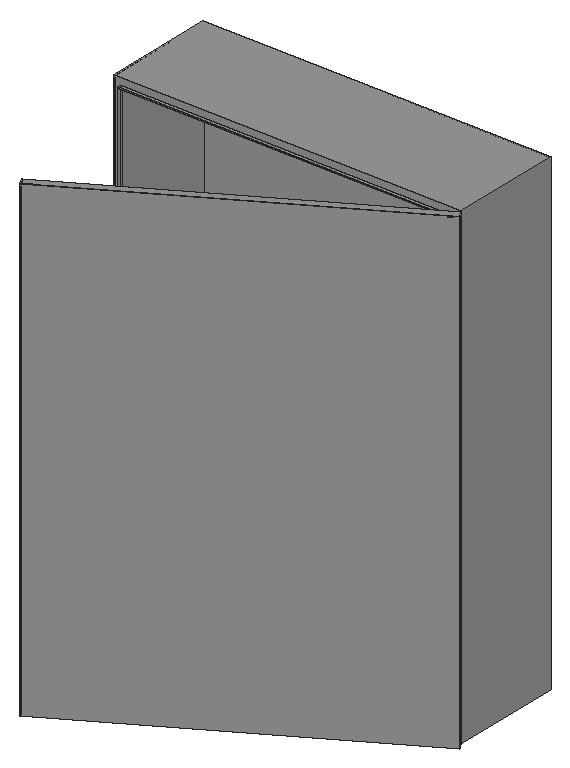
Revit family "Hager-Univers-IP55-D275-H1100-Cl.I-Steel_encl-NoHosted-CH-en", category Equipement électrique, Revit 2020
Family settings
  Configuration du panneau = Deux colonnes, circuits au sein
  Cote de connecteur circulaire = Utiliser le diamètre
  Type d'élément = Tableau de raccordement
  Basée sur le plan de construction = Oui
  Toujours verticalement = Oui
  Couper avec des vides une fois chargée = Non
  Partagée = Non
  Point de calcul de pièce = Non
Parameters (values of type "Surface mounted (plaster) IP55 W800 H1100 D275  - FR73E")
  Width Control [instance] = if([EF000008 - Width] > Min Width, [EF000008 - Width], Min Width)  # 800 mm
  Commentaires du type = [HG000003 - Range]  # "Univers"
  Thickness Door [instance] = if([EF009171 - Material plate thickness door/cover] > 3 mm, 3 mm, [EF009171 - Material plate thickness door/cover])  # 1.5 mm
  Seal Frame Offset [instance] = 17 mm  # constant formula
  Plinth Visibility [instance] = [HG000027 - Plinth height] > 0 mm  # no
  Min Width [instance] = 100 mm  # constant formula
  Min Depth [instance] = (2 * [EF009170 - Material plate thickness cabinet]) + 1 mm  # 4 mm
  Min Height [instance] = 100 mm  # constant formula
  Internal Frame Depth [instance] = (Door System Depth * 0.5)  # 9 mm
  Panel Name [instance] = ""  # (empty or 0)
  Model = ""
  HG000027 - Plinth height = 0 mm
  HG000026 - Floor standing = no
  HG000024 - Bottom section height = 600 mm
  HG000023 - Double section enclosure = no
  HG000016 - Door 3d visibility [instance] = yes
  HG000015 - Clearance visibility [instance] = no
  HG000014 - Door on the right [instance] = yes
  HG000013 - Door on the left [instance] = not([HG000014 - Door on the right])  # no
  HG000012 - Door swing angle [instance] = 30.00°
  HG000010 - Asymmetric doors = no
  HG000009 - Double swing door = no
  HG000006 - Flush mounted = no
  HG000004 - Manufacturer reference = "FR73E"
  HG000003 - Range = "Univers"
  HG000002 - With door or cover = yes
  Frame Offset Bottom [instance] = 10 mm  # constant formula
  Frame Offset [instance] = 15 mm  # constant formula
  EF015940 - Cover with overpressure release = no
  EF011959 - Degree of protection (NEMA) = ""
  EF009554 - Number of openings for flange plates = 6
  EF009212 - Cover model = "EV000116 - Closed"
  EF009171 - Material plate thickness door/cover = 1.5 mm
  EF009170 - Material plate thickness cabinet = 1.5 mm
  EF008873 - Nominal current (In) = 800 A
  EF007800 - Suitable for lightning protection = no
  EF006306 - With lock = no
  EF006244 - Transparent cover/door = no
  EF005474 - Degree of protection (IP) = "EV006420 - IP55"
  EF004464 - Type of door = "EV002646 - Single"
  EF004427 - Number of modules = 252
  EF004293 - Impact strength = "EV008784 - IK10"
  EF003532 - Suitable for outdoor use = no
  EF002950 - Width in number of modular spacings = 24
  EF001613 - Circuit integrity = "EV000494 - None"
  EF001596 - Material housing = "EV000179 - Steel"
  EF001131 - Internal depth = 275 mm
  EF001088 - Extension possible = yes
  EF000437 - Number of conduit inlets = 6
  EF000339 - Type of cover = "EV004216 - Door"
  EF000266 - Number of rows = 7
  EF000218 - Built-in depth = 0 mm
  EF000118 - With mounting plate = no
  EF000116 - RAL-number = "7035"
  EF000049 - Depth = 275 mm
  EF000040 - Height = 1100 mm
  EF000008 - Width = 800 mm
  EF000007 - Colour = "EV000270 - Grey"
  EF000003 - Mounting method = "EV000384 - Surface mounted (plaster)"
  Door System Leaf Tolerance [instance] = 1.5 mm  # constant formula
  Door System Depth [instance] = 18 mm  # constant formula
  Door Height [instance] = Height Control - [HG000027 - Plinth height]  # 1100 mm
  Description = ""
  Default Elevation = 1219.2 mm
  Connector Offset [instance] = Height Control / 2  # 550 mm
  Fabricant = "Hager"  # constant formula
  Height Control [instance] = if([EF000040 - Height] > Min Height, [EF000040 - Height], Min Height)  # 1100 mm
  Depth Control [instance] = if([EF000049 - Depth] > Min Depth, [EF000049 - Depth], Min Depth)  # 275 mm
  Bottom Top Plate Trim [instance] = 1.5 mm  # constant formula
  Plinth height Ctrl [instance] = if([HG000027 - Plinth height] > 0 mm, [HG000027 - Plinth height], 12 mm)  # 12 mm
Types (5, lengths in mm): name | Width Control | HG000010 - Asymmetric doors | HG000009 - Double swing door | HG000004 - Manufacturer reference | EF009554 - Number of openings for flange plates | EF004464 - Type of door | EF004427 - Number of modules | EF000437 - Number of conduit inlets | EF000008 - Width
  Surface mounted (plaster) IP55 W1050 H1100 D275  - FR74E | 1050 | no | yes | "FR74E" | 8 | "EV003602 - Double" | 336 | 8 | 1050
  Surface mounted (plaster) IP55 W1300 H1100 D275  - FR75E | 1300 | yes | yes | "FR75E" | 10 | "EV003602 - Double" | 420 | 10 | 1300
  Surface mounted (plaster) IP55 W300 H1100 D275  - FR71E | 300 | no | no | "FR71E" | 2 | "EV002646 - Single" | 84 | 2 | 300
  Surface mounted (plaster) IP55 W550 H1100 D275  - FR72E | 550 | no | no | "FR72E" | 4 | "EV002646 - Single" | 168 | 4 | 550
  Surface mounted (plaster) IP55 W800 H1100 D275  - FR73E | 800 | no | no | "FR73E" | 6 | "EV002646 - Single" | 252 | 6 | 800
Reference planes
  plane 1 "Center (Front/Back)": y = 0
  plane 2: z = 0
  plane 3 "Center (Left/Right)": x = 0
  plane 4: y = 0
  plane 5: y = 0
  plane 6: z = 0
  plane 7: x = -400
  plane 8: x = 400
  plane 9: x = 398.5
  plane 10: x = -398.5
  plane 11: z = 0
  plane 12: z = 1.5
  plane 13: y = -275
  plane 14: y = -1.5
  plane 15: x = 0
  plane 16: y = -257
  plane 17: y = -273.5
  plane 18: y = -255.5
  plane 19: x = -383.5
  plane 20: x = 383.5
  plane 21: z = 11.5
  plane 22: x = -383
  plane 23: x = 383
  plane 24: z = 0
  plane 25: z = 1100
  plane 26: z = 1100
  plane 27: z = 1083.5
  plane 28: z = 1098.5
Forms (mm)
  Extrusion 1, solid, material "Hager_Steel_RAL7035_Light_Grey", detail levels medium+fine
    sketch origin (-208.679, -4572, 0) x (-1, 0, 0) y (0, -1, 0)
      loop
        line (191.321, -4315) -> (-608.679, -4315) -> (-608.679, -4572) -> (191.321, -4572) -> (191.321, -4315)
    from 0 to 1100
  Extrusion 2, void
    sketch origin (-350.771, -275, 1219.2) x (1, 0, 0) y (0, 0, 1)
      loop
        line (-47.729, -120.7) -> (-47.729, -1217.7) -> (749.271, -1217.7) -> (749.271, -120.7) -> (-47.729, -120.7)
    from -19.5 to -273.5
  Extrusion 3, void
    sketch origin (-290.084, -257, 1219.2) x (1, 0, 0) y (0, 0, 1)
      loop
        line (-93.416, -1207.7) -> (673.584, -1207.7) -> (673.584, -135.7) -> (-93.416, -135.7) -> (-93.416, -1207.7)
    from 0 to -1.5
  Extrusion 4, solid, material "Hager_Steel_RAL7035_Light_Grey", visible <- "Plinth Visibility", detail levels medium+fine
    sketch origin (0, 0, 0) x (1, 0, 0) y (0, 1, 0)
      loop
        line (-400, 0) -> (-400, -257) -> (400, -257) -> (400, 0) -> (-400, 0)
    from 0 to 12 <- "Plinth height Ctrl"
  Extrusion 5, solid, material "Hager_Steel_RAL7035_Light_Grey", detail levels coarse
    sketch origin (0, 0, 0) x (1, 0, 0) y (0, 1, 0)
      loop
        line (-400, 0) -> (-400, -275) -> (400, -275) -> (400, 0) -> (-400, 0)
    from 0 to 1100 <- "Height Control"
  Sweep 6, void
    path in 3D
      loop
        line (-400, -257, 12) -> (400, -257, 12) -> (400, 0, 12) -> (-400, 0, 12) -> (-400, -257, 12)
    profile origin (-400, -128.5, 12) x (1, 0, 0) y (0, 0, 1)
      loop
        line (0, 0) -> (0, -1.5) -> (1.5, -1.5)
        arc (1.5, -1.5) -> (1.061, -0.439) -> (0, 0) r 1.5
  Extrusion 7, solid, material "Hager_Steel_RAL7035_Light_Grey", detail levels fine
    sketch origin (-400, -257, 0) x (1, 0, 0) y (0, 0, 1)
      loop
        line (16.5, 11.5) -> (783.5, 11.5) -> (783.5, 1083.5) -> (16.5, 1083.5) -> (16.5, 11.5)
      loop
        line (15, 10) -> (785, 10) -> (785, 1085) -> (15, 1085) -> (15, 10)
    from 0 to 9 <- "Internal Frame Depth"
Cuts and joins
  Extrusion 2, Extrusion 3 cuts Extrusion 1
  Sweep 6 cuts Extrusion 4
Lines and regions (mm)
  Masking region 1
    outline origin (0, 0, 0) x (1, 0, 0) y (0, 1, 0)
      loop
        line (-400, 0) -> (-400, -275) -> (400, -275) -> (400, 0) -> (-400, 0)
  Masking region 2, detail levels coarse
    outline origin (-290.084, -257, 1219.2) x (-1, 0, 0) y (0, 0, 1)
      loop
        line (-690.084, -1219.2) -> (109.916, -1219.2) -> (109.916, -119.2) -> (-690.084, -119.2) -> (-690.084, -1219.2)
  Masking region 3, detail levels coarse
    outline origin (0, 0, 0) x (0, 1, 0) y (0, 0, 1)
      loop
        line (0, 0) -> (0, 1100) -> (-275, 1100) -> (-275, 0) -> (0, 0)
  Masking region 4, visible <- "Plinth Visibility", detail levels medium+fine
    outline origin (0, 0, 0) x (0, 1, 0) y (0, 0, 1)
      loop
        line (-1.5, 12) -> (-255.5, 12)
        arc (-255.5, 12) -> (-255.939, 10.939) -> (-257, 10.5) r 1.5
        line (-257, 10.5) -> (-257, 0) -> (0, 0) -> (0, 10.5)
        arc (0, 10.5) -> (-1.061, 10.939) -> (-1.5, 12) r 1.5
  Masking region 5, detail levels medium+fine
    outline origin (0, 0, 594.038) x (0, 1, 0) y (0, 0, 1)
      loop
        line (0, -594.038) -> (0, 505.962) -> (-257, 505.962) -> (-257, -594.038) -> (0, -594.038)
  Masking region 6, detail levels medium+fine
    outline origin (-359.7, -257, 1211.883) x (-1, 0, 0) y (0, 0, 1)
      loop
        line (-759.7, -1211.883) -> (40.3, -1211.883) -> (40.3, -111.883) -> (-759.7, -111.883) -> (-759.7, -1211.883)
  Masking region 7, visible <- "Plinth Visibility", detail levels medium+fine
    outline origin (-320.334, -257, 1041.368) x (-1, 0, 0) y (0, 0, 1)
      loop
        line (-720.334, -1041.368) -> (79.666, -1041.368) -> (79.666, -1030.868)
        arc (79.666, -1030.868) -> (78.606, -1030.429) -> (78.166, -1029.368) r 1.5
        line (78.166, -1029.368) -> (-718.834, -1029.368)
        arc (-718.834, -1029.368) -> (-719.273, -1030.429) -> (-720.334, -1030.868) r 1.5
        line (-720.334, -1030.868) -> (-720.334, -1041.368)
  sketch lines
    curve 1: line (-400, 0, 12) -> (-400, -257, 12)
    curve 2: line (-400, -257, 12) -> (400, -257, 12)
    curve 3: line (400, 0, 12) -> (-400, 0, 12)
    curve 4: line (400, -257, 12) -> (400, 0, 12)
Dimensions and locks
  locked: plane 1 "Center (Front/Back)" to plane 5
  "EF009170 - Material plate thickness cabinet": plane 7 to plane 10
  "EF009170 - Material plate thickness cabinet": plane 8 to plane 9
  equal spacing: plane 7, plane 3 "Center (Left/Right)", plane 8
  "Width Control": plane 7 to plane 8
  "Depth Control": plane 4 to plane 13
  "EF009170 - Material plate thickness cabinet": plane 4 to plane 14
  "Height Control": plane 25 to level
  "HG000027 - Plinth height": plane 11 to level
  "EF009170 - Material plate thickness cabinet": plane 12 to plane 11
  "EF009170 - Material plate thickness cabinet": plane 17 to plane 13
  "EF009170 - Material plate thickness cabinet": plane 18 to plane 16
  "Frame Offset Bottom": plane 21 to plane 12
  "Frame Offset": plane 10 to plane 19
  "Frame Offset": plane 9 to plane 20
  "Door System Depth": plane 16 to plane 13
  "Seal Frame Offset": plane 7 to plane 22
  "Seal Frame Offset": plane 8 to plane 23
  "EF009170 - Material plate thickness cabinet": plane 26 to plane 28
  "Frame Offset": plane 28 to plane 27
  "Connector Offset": plane 2 to connector elem
  "Bottom Top Plate Trim": profile plane to Sweep 6 sketch curve
  "Bottom Top Plate Trim": Sweep 6 sketch curve to Sweep 6 sketch curve
  "Plinth height Ctrl": Masking region 4 sketch curve to level
  "Plinth height Ctrl": Masking region 7 sketch curve to level
  "Thickness Door": Extrusion 7 sketch curve to Extrusion 7 sketch curve  (x4)
  "Bottom Top Plate Trim": radius of Sweep 6 sketch curve
  "Bottom Top Plate Trim": radius of Masking region 4 sketch curve  (x2)
  "Bottom Top Plate Trim": radius of Masking region 7 sketch curve  (x2)
  aligned and locked: Extrusion 2 sketch curve to plane 12
  aligned and locked: Extrusion 2 sketch curve to plane 9
  aligned and locked: Extrusion 2 sketch curve to plane 10
  aligned and locked: Extrusion 2 to plane 14
  aligned and locked: Extrusion 1 sketch curve to plane 4
  aligned and locked: plane 8 to Extrusion 1 sketch curve
  aligned and locked: plane 7 to Extrusion 1 sketch curve
  aligned and locked: Extrusion 2 to plane 18
  aligned and locked: Extrusion 3 sketch curve to plane 19
  aligned and locked: plane 20 to Extrusion 3 sketch curve
  aligned and locked: Extrusion 3 to Extrusion 2
  aligned and locked: Extrusion 3 sketch curve to plane 21
  aligned and locked: plane 3 "Center (Left/Right)" to nested 1
  aligned and locked: Extrusion 1 sketch curve to plane 16
  aligned and locked: Extrusion 4 sketch curve to cut or joined group of Extrusion 1, Extrusion 2, Extrusion 3
  aligned and locked: Masking region 1 sketch curve to plane 7
  aligned and locked: Masking region 1 sketch curve to plane 5
  aligned and locked: Masking region 1 sketch curve to plane 8
  aligned and locked: Masking region 2 sketch curve to level
  aligned and locked: level to Masking region 3 sketch curve
  aligned and locked: plane 1 "Center (Front/Back)" to Masking region 3 sketch curve
  aligned and locked: plane 13 to Masking region 3 sketch curve
  aligned and locked: plane 5 to Masking region 4 sketch curve
  aligned and locked: Masking region 2 sketch curve to plane 8
  aligned and locked: Masking region 2 sketch curve to plane 7
  aligned and locked: plane 7 to nested 2
  aligned and locked: nested 2 to plane 5
  aligned and locked: plane 5 to Masking region 5 sketch curve
  aligned and locked: plane 26 to Masking region 5 sketch curve
  aligned and locked: Extrusion 5 sketch curve to plane 8
  aligned and locked: Extrusion 5 sketch curve to plane 7
  aligned and locked: Extrusion 5 sketch curve to plane 5
  aligned and locked: Extrusion 3 sketch curve to plane 27
  aligned and locked: Extrusion 2 sketch curve to plane 28
  aligned and locked: Masking region 2 to plane 25
  aligned and locked: Extrusion 4 to plane 16
  aligned and locked: profile plane to Sweep 6 sketch curve
  aligned and locked: Masking region 5 sketch curve to plane 24
  aligned and locked: level to Masking region 4 sketch curve
  aligned and locked: Masking region 1 to plane 13
  aligned and locked: nested 1 to plane 16
  aligned and locked: Masking region 3 to plane 25
  aligned and locked: plane 16 to Masking region 4 sketch curve
  aligned and locked: Masking region 5 sketch curve to plane 16
  aligned and locked: plane 24 to plane 11
  aligned and locked: plane 26 to plane 25
  aligned and locked: plane 26 to cut or joined group of Extrusion 1, Extrusion 2, Extrusion 3
  aligned and locked: nested 1 to plane 24
  aligned and locked: Extrusion 1 to Extrusion 3
  aligned and locked: Masking region 6 sketch curve to plane 8
  aligned and locked: Masking region 6 sketch curve to plane 24
  aligned and locked: Masking region 6 sketch curve to plane 7
  aligned and locked: Masking region 6 sketch curve to plane 26
  aligned and locked: Masking region 7 sketch curve to plane 7
  aligned and locked: level to Masking region 7 sketch curve
  aligned and locked: Masking region 7 sketch curve to plane 8
  aligned and locked: Extrusion 7 sketch curve to cut or joined group of Extrusion 1, Extrusion 2, Extrusion 3  (x4)
Automatic sketch dimensions
  plane 19 to Extrusion 3 sketch curve = 0 mm
  Extrusion 3 sketch curve to plane 20 = 0 mm
  Extrusion 3 sketch curve to plane 21 = 0 mm
  Extrusion 4 sketch curve to plane 7 = 0 mm
  Extrusion 4 sketch curve to plane 8 = 0 mm
  Extrusion 4 sketch curve to plane 16 = 0 mm
  Masking region 1 sketch curve to plane 13 = 0 mm
  Masking region 2 sketch curve to plane 25 = 0 mm
  Masking region 3 sketch curve to plane 25 = 0 mm
  Extrusion 5 sketch curve to plane 13 = 0 mm
  profile plane to Sweep 6 sketch curve = 0 mm
Nested families
  nested 1: "EC000058_Univers_Door" at (0, -257, 0), Double <- "HG000009 - Double swing door", Transparent <- "EF006244 - Transparent cover/door", Angle <- "HG000012 - Door swing angle", Door_Right <- "HG000014 - Door on the right", Assymetrical <- "HG000010 - Asymmetric doors", Door <- "HG000002 - With door or cover", Width_Ctrl <- "Width Control", 3d_Door <- "HG000016 - Door 3d visibility", Clearance <- "HG000015 - Clearance visibility", Door_Left <- "HG000013 - Door on the left", Width <- "Width Control", Door_Depth <- "Door System Depth", Leaf_Tolerance <- "Door System Leaf Tolerance", Height <- "Door Height", Lock_Visibility <- "EF006306 - With lock", Thickness <- "Thickness Door", type "EC000058_Univers_Door", detail levels medium+fine
    with min_wh 4 mm, Width_Ctrl 800 mm, Width 800 mm, Transparent no, Thickness 1.5 mm, Seal_Material Hager_Rubber, Lock_Visibility no, Lock_Material Hager_Plastic_RAL9005_Jet_Black, Leaf_Width 800 mm, Leaf_Tolerance_External_Sides 0 mm, Leaf_Tolerance 1.5 mm, Leaf_Offset 0 mm, Leaf_Height 1097 mm, Leaf_2_Width 800 mm, Leaf_2_Offset 400 mm, Leaf_1_Width 800 mm, Leaf_1_Offset 400 mm, Height_Ctrl 1100 mm, Height 1100 mm, Glass_Material Hager_Glass, Double_Clearance_Ctrl no, Double no, Door_Right_Ctrl yes, Door_Right yes, Door_Material Hager_Steel_RAL7035_Light_Grey, Door_Left_Ctrl no, Door_Left no, Door_Depth 18 mm, Door yes, Clearance_Material Hager_Clearance, Clearance_Depth 800 mm, Clearance_Ctrl no, Clearance no, Assymetrical no, Angle 30.00°, 3d_Door yes
  nested 2: "Hager_Enclosure_Symbol" at (-400, 0, 0), Height <- "Depth Control", Width <- "Width Control", type "Hager_Enclosure_Symbol"
    with Width_Ctrl 800 mm, Width 800 mm, Height_Ctrl 275 mm, Height 275 mm, A_Width_Int 18.047 mm, A_Width 216.562 mm, A_Height_Ctrl 240.625 mm, A_Height 240.625 mm
Connectors
  electrical at (0, 0, 550)
    settings: on plane 1 "Center (Front/Back)", index 1, voltage 0 V, apparent load 0 VA, apparent load phase1 0 VA, apparent load phase2 0 VA, apparent load phase3 0 VA, power factor 1, load classification "Other", number of poles 1, system type 30, power factor state 1, is connector primary yes, connector utility no, sub classification motor no, connector description ""
Definition of nested family "EC000058_Univers_Door"
  Parameters (values of type "EC000058_Univers_Door")
    min_wh [instance] = (2 * Thickness) + 1 mm  # 11 mm
    Width_Ctrl [instance] = 400 mm
    Width [instance] = 500 mm
    Transparent [instance] = yes
    Thickness [instance] = 5 mm
    Seal_Material [instance] = none
    Lock_Visibility [instance] = yes
    Lock_Material [instance] = none
    Leaf_Width [instance] = if((Width_Ctrl - 2 * Leaf_Tolerance_External_Sides) > 0 mm, (Width_Ctrl - 2 * Leaf_Tolerance_External_Sides), min_wh)  # 400 mm
    Leaf_Tolerance_External_Sides [instance] = 0 mm  # constant formula
    Leaf_Tolerance [instance] = 1.5 mm
    Leaf_Offset [instance] = 0 mm  # constant formula
    Leaf_Height [instance] = if((Height_Ctrl - 2 * Leaf_Tolerance) > 0 mm, (Height_Ctrl - 2 * Leaf_Tolerance), min_wh)  # 497 mm
    Leaf_2_Width [instance] = if(and(and(Double, Assymetrical), Door_Left), (Leaf_Width / 3) - (Leaf_Tolerance / 2), if(and(and(Double, Assymetrical), Door_Right), (Leaf_Width / 3) * 2 - (Leaf_Tolerance / 2), if(and(Double, not(Assymetrical)), (Leaf_Width / 2) - Leaf_Tolerance, Leaf_Width)))  # 400 mm
    Leaf_2_Offset [instance] = if(and(Double, Assymetrical), Leaf_2_Width / 2, if(and(Double, not(Assymetrical)), Leaf_Width / 4, Leaf_Width / 2))  # 200 mm
    Leaf_1_Width [instance] = if(and(and(Double, Assymetrical), Door_Right), (Leaf_Width / 3) - (Leaf_Tolerance / 2), if(and(and(Double, Assymetrical), Door_Left), (Width / 3) * 2 - (Leaf_Tolerance / 2), if(and(Double, not(Assymetrical)), (Leaf_Width / 2) - Leaf_Tolerance, Leaf_Width)))  # 400 mm
    Leaf_1_Offset [instance] = if(and(Double, Assymetrical), Leaf_1_Width / 2, if(and(Double, not(Assymetrical)), Leaf_Width / 4, Leaf_Width / 2))  # 200 mm
    Height_Ctrl [instance] = if(Height > min_wh, Height, min_wh)  # 500 mm
    Height [instance] = 500 mm
    Glass_Material [instance] = none
    Double_Clearance_Ctrl [instance] = and(Double, Clearance)  # no
    Double [instance] = no
    Door_Right_Ctrl [instance] = and(or(Door_Right, Double), Door)  # yes
    Door_Right [instance] = yes
    Door_Material [instance] = none
    Door_Left_Ctrl [instance] = and(or(Door_Left, Double), Door)  # no
    Door_Left [instance] = no
    Door_Depth [instance] = 30 mm
    Door [instance] = yes
    Default Elevation = 1219.2 mm
    Clearance_Material [instance] = none
    Clearance_Depth [instance] = if(Leaf_1_Width > Leaf_2_Width, Leaf_1_Width, Leaf_2_Width)  # 400 mm
    Clearance_Ctrl [instance] = and(not(Double), Clearance)  # yes
    Clearance [instance] = yes
    Assymetrical [instance] = yes
    Angle [instance] = 30.00°
    3d_Door [instance] = yes
  Reference planes
    plane 1 "Center (Front/Back)": y = 0
    plane 2 "Bottom": z = 0
    plane 3 "Center (Left/Right)": x = 0
    plane 4: z = 500
    plane 5: x = -200
    plane 6: x = 200
    plane 7: z = 500
    plane 8: x = -200
    plane 9: z = 0
    plane 10: x = 200
    plane 11: y = 0
    plane 12: z = 1.5
    plane 13: x = -600
    plane 14: y = -400
    plane 15: x = 600
    plane 16: x = 0
    plane 17: x = 0
    plane 18: x = -200
    plane 19: x = 200
    plane 20: z = 498.5
  Forms (mm)
    Extrusion 1, solid, material <- "Clearance_Material", visible <- "Double_Clearance_Ctrl"
      sketch origin (1200, 0, 0) x (1, 0, 0) y (0, 0, -1)
        loop
          line (-1800, -498.5) -> (-600, -498.5) -> (-600, 0) -> (-1800, 0) -> (-1800, -498.5)
      from 0 to -400
  Dimensions and locks
    equal spacing: plane 5, plane 3 "Center (Left/Right)", plane 6
    "Width_Ctrl": plane 5 to plane 6
    "Leaf_Offset": plane 5 to plane 8
    "Leaf_Offset": plane 6 to plane 10
    "Leaf_Offset": plane 9 to level
    "Leaf_Offset": plane 4 to plane 7
    "Height_Ctrl": plane 4 to level
    "Leaf_Tolerance": plane 12 to plane 9
    locked: plane 11 to plane 1 "Center (Front/Back)"
    "Leaf_1_Offset": plane 18 to plane 16
    "Leaf_2_Offset": plane 17 to plane 19
    "Leaf_1_Width": plane 13 to plane 8
    "Leaf_2_Width": plane 10 to plane 15
    "Clearance_Depth": plane 14 to plane 1 "Center (Front/Back)"
    "Leaf_Tolerance_External_Sides": plane 8 to plane 18
    "Leaf_Tolerance_External_Sides": plane 19 to plane 10
    "Leaf_Tolerance": plane 7 to plane 20
    aligned and locked: level to plane 2 "Bottom"
    aligned and locked: nested 1 to plane 16
    aligned and locked: nested 2 to plane 17
    aligned and locked: Extrusion 1 to plane 13
    aligned and locked: plane 15 to Extrusion 1
    aligned and locked: Extrusion 1 to plane 14
    aligned and locked: plane 12 to nested 1
    aligned and locked: nested 2 to plane 12
    aligned and locked: Extrusion 1 to plane 11
    aligned and locked: plane 20 to Extrusion 1
    aligned and locked: nested 2 to plane 11
    aligned and locked: nested 1 to plane 11
  Automatic sketch dimensions
    Extrusion 1 sketch curve to level = 0 mm
    plane 5 to Extrusion 1 sketch curve = 400 mm
    plane 6 to Extrusion 1 sketch curve = 400 mm
    Extrusion 1 sketch curve to plane 4 = 1.5 mm
  Nested families
    nested 1: "EC000058_Univers_Door_Leaf" at (0, 0, 1.5), Width <- "Leaf_1_Width", visible <- "Door_Left_Ctrl", Leaf_Height <- "Leaf_Height", Angle <- "Angle", 3d_Door <- "3d_Door", Transparent <- "Transparent", Clearance Material <- "Clearance_Material", Clearance <- "Clearance_Ctrl", Door_Material <- "Door_Material", Glass_Material <- "Glass_Material", Door_Depth <- "Door_Depth", Lock_Material <- "Lock_Material", Seal_Material <- "Seal_Material", Lock_Visibility <- "Lock_Visibility", Thickness <- "Thickness", type "EC000058_Univers_Door_Leaf"
      with Width 400 mm, Transparent_Glass_Offset 30 mm, Transparent_Ctrl yes, Transparent yes, Thickness 5 mm, Standard no, Seal_Material none, Seal_D2 8 mm, Seal_D1 1 mm, Offset_Internal_Frame 10 mm, Lock_Width 20 mm, Lock_Visibility_3d yes, Lock_Visibility yes, Lock_Thickness_3 3 mm, Lock_Thickness_2 1 mm, Lock_Thickness_1 3 mm, Lock_Radius_Offset_2 16 mm, Lock_Radius_Offset_1 15 mm, Lock_Radius_2 5 mm, Lock_Radius 6 mm, Lock_Offset 5 mm, Lock_Material none, Lock_Height 80 mm, Lock_Cover_Top_Offset_2d 17 mm, Lock_Cover_Height -65 mm, Leaf_Height 497 mm, Internal_Seal_Thickness 8 mm, Internal_Seal_Depth_2 4.5 mm, Internal_Frame_Depth 25 mm, Glass_Thickness -1 mm, Glass_Offset -2 mm, Glass_Material none, Door_Material none, Door_Depth 30 mm, Clearance Material none, Clearance yes, Angle_Ctrl 30.00°, Angle 30.00°, 3d_Door yes
    nested 2: "EC000058_Univers_Door_Leaf" at (0, 0, 1.5) x (-1, 0, 0) z (0, 0, 1), Width <- "Leaf_2_Width", visible <- "Door_Right_Ctrl", Leaf_Height <- "Leaf_Height", Angle <- "Angle", 3d_Door <- "3d_Door", Transparent <- "Transparent", Clearance Material <- "Clearance_Material", Clearance <- "Clearance_Ctrl", Door_Material <- "Door_Material", Glass_Material <- "Glass_Material", Door_Depth <- "Door_Depth", Lock_Material <- "Lock_Material", Seal_Material <- "Seal_Material", Lock_Visibility <- "Lock_Visibility", Thickness <- "Thickness", type "EC000058_Univers_Door_Leaf"
      with Width 400 mm, Transparent_Glass_Offset 30 mm, Transparent_Ctrl yes, Transparent yes, Thickness 5 mm, Standard no, Seal_Material none, Seal_D2 8 mm, Seal_D1 1 mm, Offset_Internal_Frame 10 mm, Lock_Width 20 mm, Lock_Visibility_3d yes, Lock_Visibility yes, Lock_Thickness_3 3 mm, Lock_Thickness_2 1 mm, Lock_Thickness_1 3 mm, Lock_Radius_Offset_2 16 mm, Lock_Radius_Offset_1 15 mm, Lock_Radius_2 5 mm, Lock_Radius 6 mm, Lock_Offset 5 mm, Lock_Material none, Lock_Height 80 mm, Lock_Cover_Top_Offset_2d 17 mm, Lock_Cover_Height -65 mm, Leaf_Height 497 mm, Internal_Seal_Thickness 8 mm, Internal_Seal_Depth_2 4.5 mm, Internal_Frame_Depth 25 mm, Glass_Thickness -1 mm, Glass_Offset -2 mm, Glass_Material none, Door_Material none, Door_Depth 30 mm, Clearance Material none, Clearance yes, Angle_Ctrl 30.00°, Angle 30.00°, 3d_Door yes
  Definition of nested family "EC000058_Univers_Door_Leaf"
    Parameters (values of type "EC000058_Univers_Door_Leaf")
      Width [instance] = 2000 mm
      Transparent_Glass_Offset [instance] = 30 mm
      Transparent_Ctrl [instance] = and(Transparent, [3d_Door])  # yes
      Transparent [instance] = yes
      Thickness [instance] = 5 mm
      Standard [instance] = and(not(Transparent), [3d_Door])  # no
      Seal_Material [instance] = none
      Seal_D2 [instance] = 8 mm  # constant formula
      Seal_D1 [instance] = 1 mm  # constant formula
      Offset_Internal_Frame [instance] = 10 mm  # constant formula
      Lock_Width [instance] = 20 mm  # constant formula
      Lock_Visibility_3d [instance] = and(Lock_Visibility, [3d_Door])  # yes
      Lock_Visibility [instance] = yes
      Lock_Thickness_3 [instance] = 3 mm  # constant formula
      Lock_Thickness_2 [instance] = 1 mm  # constant formula
      Lock_Thickness_1 [instance] = 3 mm  # constant formula
      Lock_Radius_Offset_2 [instance] = Lock_Radius_Offset_1 + 1 mm  # 16 mm
      Lock_Radius_Offset_1 [instance] = 15 mm  # constant formula
      Lock_Radius_2 [instance] = Lock_Radius - 1 mm  # 5 mm
      Lock_Radius [instance] = 6 mm  # constant formula
      Lock_Offset [instance] = 5 mm  # constant formula
      Lock_Material [instance] = none
      Lock_Height [instance] = 80 mm  # constant formula
      Lock_Cover_Top_Offset_2d [instance] = Lock_Radius_Offset_2 + 1 mm  # 17 mm
      Lock_Cover_Height [instance] = -(Lock_Height - Lock_Radius_Offset_1)  # -65 mm
      Leaf_Height [instance] = 2720.336 mm
      Internal_Seal_Thickness [instance] = 8 mm  # constant formula
      Internal_Seal_Depth_2 [instance] = 4.5 mm  # constant formula
      Internal_Frame_Depth [instance] = if(Door_Depth - Thickness > 5 mm, Door_Depth - Thickness, 5 mm)  # 25 mm
      Glass_Thickness [instance] = if(Thickness > 15 mm, Glass_Offset + 10 mm, -1 mm)  # -1 mm
      Glass_Offset [instance] = if(Thickness > 15 mm, -(Thickness + 10 mm) / 2, -2 mm)  # -2 mm
      Glass_Material [instance] = none
      Door_Material [instance] = none
      Door_Depth [instance] = 30 mm
      Default Elevation = 0 mm
      Clearance Material [instance] = none
      Clearance [instance] = yes
      Angle_Ctrl [instance] = if(Angle > 180.00°, 180.00°, Angle)  # 90.00°
      Angle [instance] = 90.00°
      3d_Door [instance] = yes
    Reference planes
      plane 1 "Center (Front/Back)": y = 0
      plane 2: z = 0
      plane 3 "Center (Left/Right)": x = 0
      plane 4: y = 2000
      plane 5: x = -1000
      plane 6: x = 1000
      plane 7: x = -3000
      plane 8: z = 2720.336
      plane 9: z = 30
      plane 10: z = 2690.336
      plane 11: x = 970
      plane 12: x = -970
      plane 13: y = -3
      plane 14: z = 107.833
      plane 15: y = -5
      plane 16: y = -223.314
      plane 17: x = -1000
      plane 18: z = 1360.168
      plane 19: y = 30
    Forms (mm)
      Extrusion 1, solid, material <- "Clearance Material", visible <- "Clearance"
        sketch origin (0, 0, 0) x (1, 0, 0) y (0, 0, 1)
          loop
            line (-3000, 2720.336) -> (-3000, 0) -> (1000, 0) -> (1000, 2720.336) -> (-3000, 2720.336)
        from 0 to -2000
      Extrusion 2, solid, material <- "Door_Material", visible <- "Standard", detail levels medium+fine
        sketch origin (-1000, 0, 0) x (0, 1, 0) y (-1, 0, 0)
          loop
            line (0, 30) -> (0, 25) -> (2000, 25) -> (2000, 30) -> (0, 30)
        from 0 to 2720.336 <- "Leaf_Height"
      Extrusion 3, solid, material <- "Door_Material", visible <- "Transparent_Ctrl", detail levels medium+fine
        sketch origin (-1000, 0, 0) x (0, 1, 0) y (-1, 0, 0)
          loop
            line (0, 25) -> (2000, 25) -> (2000, 30) -> (0, 30) -> (0, 25)
        from 0 to 2720.336 <- "Leaf_Height"
      Extrusion 4, void
        sketch origin (-1025, 2000, 0) x (0, 1, 0) y (0, 0, -1)
          loop
            line (-30, -2690.336) -> (-30, -30) -> (-1970, -30) -> (-1970, -2690.336) -> (-30, -2690.336)
        from 0 to 5 <- "Thickness"
      Sweep 5, solid, material <- "Seal_Material", visible <- "Transparent_Ctrl", detail levels fine
        path in 3D
          loop
            line (-1025, 30, 30) -> (-1025, 30, 2690.336) -> (-1025, 1970, 2690.336) -> (-1025, 1970, 30) -> (-1025, 30, 30)
        profile origin (-1025, 1000, 30) x (1, 0, 0) y (0, 0, 1)
          loop
            line (0, 0) -> (0, -8) -> (1, -8) -> (1, 0) -> (0, 0)
      Extrusion 6, solid, material <- "Glass_Material", visible <- "Transparent_Ctrl", detail levels medium+fine
        sketch origin (-1030, 0, 0) x (0, 1, 0) y (0, 0, -1)
          loop
            line (1970, -2690.336) -> (1970, -30) -> (30, -30) -> (30, -2690.336) -> (1970, -2690.336)
        from -2 <- "Glass_Offset" to -1 <- "Glass_Thickness"
      Extrusion 7, solid, material <- "Door_Material", visible <- "3d_Door", detail levels medium+fine
        sketch origin (-1025, 2000, 0) x (0, -1, 0) y (0, 0, -1)
          loop
            line (0, -2720.336) -> (2000, -2720.336) -> (2000, 0) -> (0, 0) -> (0, -2720.336)
          loop
            line (1995, -5) -> (5, -5) -> (5, -2715.336) -> (1995, -2715.336) -> (1995, -5)
        from 0 to 25 <- "Internal_Frame_Depth"
      Sweep 8, solid, material <- "Seal_Material", visible <- "Transparent_Ctrl", detail levels fine
        path in 3D
          loop
            line (-1025, 0, 0) -> (-1025, 2000, 0) -> (-1025, 2000, 2720.336) -> (-1025, 0, 2720.336) -> (-1025, 0, 0)
        profile origin (-1025, 0, 1360.168) x (1, 0, 0) y (0, 1, 0)
          loop
            line (0, 10) -> (2.975, 10)
            arc (2.975, 10) -> (4.053, 10.447) -> (4.5, 11.525) r 1.525
            line (4.5, 11.525) -> (4.5, 16.527)
            arc (4.5, 16.527) -> (4.069, 17.569) -> (3.027, 18) r 1.473
            line (3.027, 18) -> (0, 18) -> (0, 10)
      Extrusion 9, solid, material <- "Lock_Material", visible <- "Lock_Visibility_3d", detail levels fine
        sketch origin (-1030, 0, 0) x (0, 1, 0) y (0, 0, -1)
          loop
            arc (1993.5, -1400.168) -> (1994.561, -1399.729) -> (1995, -1398.668) r 1.5
            line (1995, -1398.668) -> (1995, -1320.168) -> (1975, -1320.168) -> (1975, -1398.668)
            arc (1975, -1398.668) -> (1975.439, -1399.729) -> (1976.5, -1400.168) r 1.5
            line (1976.5, -1400.168) -> (1993.5, -1400.168)
        from 3 <- "Lock_Thickness_1" to 0
      Blend 10, solid, material <- "Lock_Material", visible <- "Lock_Visibility_3d", detail levels fine
        base sketch origin (-1033, 0, 0) x (0, 1, 0) y (0, 0, -1)
          loop
            line (1975, -1320.168) -> (1975, -1398.668)
            arc (1975, -1398.668) -> (1975.439, -1399.729) -> (1976.5, -1400.168) r 1.5
            line (1976.5, -1400.168) -> (1993.5, -1400.168)
            arc (1993.5, -1400.168) -> (1994.561, -1399.729) -> (1995, -1398.668) r 1.5
            line (1995, -1398.668) -> (1995, -1320.168) -> (1975, -1320.168)
        top sketch origin (-1033, 0, 0) x (0, 1, 0) y (0, 0, -1)
          loop
            line (1976, -1320.168) -> (1976, -1398.668)
            arc (1976, -1398.668) -> (1976.146, -1399.022) -> (1976.5, -1399.168) r 0.5
            line (1976.5, -1399.168) -> (1993.5, -1399.168)
            arc (1993.5, -1399.168) -> (1993.854, -1399.022) -> (1994, -1398.668) r 0.5
            line (1994, -1398.668) -> (1994, -1320.168) -> (1976, -1320.168)
        from 0 to 1 <- "Lock_Thickness_2"
      Blend 11, solid, material <- "Lock_Material", visible <- "Lock_Visibility_3d", detail levels fine
        base sketch origin (-1034, 0, 0) x (0, 1, 0) y (0, 0, -1)
          loop
            line (1978, -1320.168) -> (1978, -1384.168)
            arc (1978, -1384.168) -> (1985, -1391.168) -> (1992, -1384.168) r 7
            line (1992, -1384.168) -> (1992, -1320.168) -> (1978, -1320.168)
        top sketch origin (-1034, 0, 0) x (0, 1, 0) y (0, 0, -1)
          loop
            line (1991, -1320.168) -> (1979, -1320.168) -> (1979, -1383.168)
            arc (1979, -1383.168) -> (1985, -1389.168) -> (1991, -1383.168) r 6
            line (1991, -1383.168) -> (1991, -1320.168)
        from 0 to 3 <- "Lock_Thickness_3"
      Extrusion 12, solid, material <- "Lock_Material", visible <- "Lock_Visibility_3d", detail levels fine
        sketch origin (-1030, 1975, 1320.168) x (1, 0, 0) y (0, -1, 0)
          loop
            line (-7, -19) -> (-7, -1) -> (0, -1) -> (0, 0) -> (-8, 0) -> (-8, -20) -> (0, -20) -> (0, -19) -> (-7, -19)
        from 0 to -65 <- "Lock_Cover_Height"
      Extrusion 13, void
        sketch origin (-1038, 1995, 1320.168) x (-1, 0, 0) y (0, 0, -1)
          loop
            line (-5, -65) -> (0, -65) -> (-5, -60) -> (-5, -65)
        from 0 to 20 <- "Lock_Width"
      Extrusion 14, void
        sketch origin (-1038, 1975, 1320.168) x (0, -1, 0) y (0, 0, -1)
          loop
            circle (-10, -15.995) r 6
          loop
            circle (-10, -15.995) r 5
        from 0 to 2
      Extrusion 15, solid, material <- "Lock_Material", visible <- "Lock_Visibility_3d", detail levels medium
        sketch origin (-1030, 0, 0) x (0, 1, 0) y (0, 0, -1)
          loop
            arc (1993.5, -1400.168) -> (1994.561, -1399.729) -> (1995, -1398.668) r 1.5
            line (1995, -1398.668) -> (1995, -1320.168) -> (1975, -1320.168) -> (1975, -1398.668)
            arc (1975, -1398.668) -> (1975.439, -1399.729) -> (1976.5, -1400.168) r 1.5
            line (1976.5, -1400.168) -> (1993.5, -1400.168)
        from 8 to 0
    Cuts and joins
      Extrusion 4 cuts Extrusion 3
      Extrusion 13, Extrusion 14 cuts Extrusion 9
      Extrusion 14 cuts Blend 11
      Extrusion 13, Extrusion 14 cuts Extrusion 12
      joined: Extrusion 9, Blend 10, Blend 11, Extrusion 12
      Extrusion 14 cuts Extrusion 15
    Lines and regions (mm)
      Masking region 1, visible <- "Lock_Visibility", detail levels fine
        outline origin (0, 0, 0) x (0, 1, 0) y (0, 0, 1)
          loop
            line (30, 1320.168) -> (33, 1320.168) -> (33, 1400.168) -> (30, 1400.168) -> (30, 1320.168)
      Masking region 2, visible <- "Lock_Visibility", detail levels fine
        outline origin (0, 3.143, 0) x (0, 1, 0) y (0, 0, 1)
          loop
            line (29.857, 1354.168) -> (30.857, 1354.168) -> (30.857, 1366.168) -> (29.857, 1366.168) -> (29.857, 1354.168)
      Masking region 3, detail levels medium+fine
        outline origin (0, 0, 0) x (0, 1, 0) y (0, 0, 1)
          loop
            line (0, 0) -> (30, 0) -> (30, 2720.336) -> (0, 2720.336) -> (0, 0)
      Masking region 4, detail levels medium+fine
        outline origin (0, 0, 0) x (1, 0, 0) y (0, 0, 1)
          loop
            line (-1000, 2720.336) -> (-1000, 0) -> (1000, 0) -> (1000, 2720.336) -> (-1000, 2720.336)
      Masking region 5, visible <- "Lock_Visibility", detail levels fine
        outline origin (-47.116, 0, 0) x (1, 0, 0) y (0, 0, 1)
          loop
            arc (1024.616, 1399.168) -> (1023.556, 1398.729) -> (1023.116, 1397.668) r 1.5
            line (1023.116, 1397.668) -> (1023.116, 1320.168) -> (1041.116, 1320.168) -> (1041.116, 1397.668)
            arc (1041.116, 1397.668) -> (1040.677, 1398.729) -> (1039.616, 1399.168) r 1.5
            line (1039.616, 1399.168) -> (1024.616, 1399.168)
      Masking region 6, visible <- "Lock_Visibility", detail levels medium+fine
        outline origin (-25, 0, 0) x (1, 0, 0) y (0, 0, 1)
          loop
            arc (1001.5, 1400.168) -> (1000.439, 1399.729) -> (1000, 1398.668) r 1.5
            line (1000, 1398.668) -> (1000, 1320.168) -> (1020, 1320.168) -> (1020, 1398.668)
            arc (1020, 1398.668) -> (1019.561, 1399.729) -> (1018.5, 1400.168) r 1.5
            line (1018.5, 1400.168) -> (1001.5, 1400.168)
      Masking region 7, visible <- "Lock_Visibility", detail levels fine
        outline origin (-73.735, 0, 0) x (1, 0, 0) y (0, 0, 1)
          loop
            line (1051.735, 1382.168) -> (1065.735, 1382.168) -> (1065.735, 1384.168)
            arc (1065.735, 1384.168) -> (1058.735, 1391.168) -> (1051.735, 1384.168) r 7
            line (1051.735, 1384.168) -> (1051.735, 1382.168)
      Masking region 8, visible <- "Lock_Visibility", detail levels fine
        outline origin (-73.735, 0, 0) x (1, 0, 0) y (0, 0, 1)
          loop
            line (1052.735, 1382.168) -> (1064.735, 1382.168) -> (1064.735, 1383.168)
            arc (1064.735, 1383.168) -> (1058.735, 1389.168) -> (1052.735, 1383.168) r 6
            line (1052.735, 1383.168) -> (1052.735, 1382.168)
      Masking region 9, visible <- "Lock_Visibility", detail levels fine
        outline origin (-25, 0, 0) x (1, 0, 0) y (0, 0, 1)
          loop
            line (1020, 1320.168) -> (1020, 1382.168) -> (1000, 1382.168) -> (1000, 1320.168) -> (1020, 1320.168)
      Masking region 10, detail levels medium+fine
        outline origin (0, 0, 0) x (1, 0, 0) y (0, 0, 1)
          loop
            circle (985, 1335.144) r 6
      Masking region 11, detail levels fine
        outline origin (0, 0, 0) x (1, 0, 0) y (0, 0, 1)
          loop
            circle (985, 1335.144) r 5
      Masking region 12, visible <- "Lock_Visibility", detail levels fine
        outline origin (0, 12.767, 0) x (0, 1, 0) y (0, 0, 1)
          loop
            line (20.233, 1320.168) -> (21.233, 1320.168) -> (21.233, 1399.168) -> (20.233, 1400.168) -> (20.233, 1320.168)
      Masking region 13, visible <- "Lock_Visibility", detail levels fine
        outline origin (0, 13.767, -10) x (0, 1, 0) y (0, 0, 1)
          loop
            line (20.233, 1330.168) -> (23.233, 1330.168) -> (23.233, 1399.168) -> (20.233, 1402.168) -> (20.233, 1330.168)
      Masking region 14, visible <- "Lock_Visibility", detail levels fine
        outline origin (0, 12.767, -10) x (0, 1, 0) y (0, 0, 1)
          loop
            line (20.233, 1330.168) -> (25.233, 1330.168) -> (25.233, 1399.305) -> (20.233, 1394.305) -> (20.233, 1330.168)
      Masking region 15, visible <- "Lock_Visibility", detail levels medium
        outline origin (0, 0, 0) x (0, 1, 0) y (0, 0, 1)
          loop
            line (30, 1320.168) -> (38, 1320.168) -> (38, 1400.168) -> (30, 1400.168) -> (30, 1320.168)
      Masking region 16, visible <- "Lock_Visibility", detail levels fine
        outline origin (-1000, 0, 0) x (0, 1, 0) y (-1, 0, 0)
          loop
            line (1975, 30) -> (1995, 30) -> (1995, 38) -> (1975, 38) -> (1975, 30)
          loop
            line (1979, 37) -> (1976, 37) -> (1976, 34) -> (1978, 34) -> (1979, 37)
          loop
            line (1994, 37) -> (1991, 37) -> (1992, 34) -> (1994, 34) -> (1994, 37)
      Masking region 17, visible <- "Lock_Visibility", detail levels medium
        outline origin (-1000, 0, 0) x (0, 1, 0) y (-1, 0, 0)
          loop
            line (1975, 30) -> (1995, 30) -> (1995, 38) -> (1975, 38) -> (1975, 30)
      symbolic lines
        curve 1: line (1000, 0, 0) -> (-3000, 0, 0)
        curve 2: arc (1000, 0, 0) -> (-1000, 2000, 0) -> (-3000, 0, 0) r 2000
        curve 4: line (-1030, 0, 0) -> (-1030, 2000, 0)
      reference lines
        curve 3: line (-1000, 0, 0) -> (-1000, 2000, 0)
      symbolic lines, detail levels medium+fine
        curve 5: line (-1030, 2000, 0) -> (-1025, 2000, 0)
        curve 7: line (-1025, 0, 0) -> (-1030, 0, 0)
        curve 8: line (-1025, 0, 0) -> (-1000, 0, 0)
        curve 9: line (-1000, 0, 0) -> (-1000, 2000, 0)
        curve 10: line (-1000, 2000, 0) -> (-1025, 2000, 0)
      symbolic lines, detail levels fine
        curve 6: line (-1025, 2000, 0) -> (-1025, 0, 0)
      sketch lines
        curve 11: line (-1025, 0, 2720.336) -> (-1025, 0, 0)
        curve 12: line (-1025, 2000, 0) -> (-1025, 0, 0)
        curve 13: line (-1025, 2000, 2720.336) -> (-1025, 2000, 0)
        curve 14: line (-1025, 0, 2720.336) -> (-1025, 2000, 2720.336)
        curve 15: line (-1025, 1970, 30) -> (-1025, 30, 30)
        curve 16: line (-1025, 30, 30) -> (-1025, 30, 2690.336)
        curve 17: line (-1025, 1970, 2690.336) -> (-1025, 1970, 30)
        curve 18: line (-1025, 30, 2690.336) -> (-1025, 1970, 2690.336)
      symbolic lines, visible <- "Transparent", detail levels medium+fine
        curve 19: line (-970, 0, 2690.336) -> (970, 0, 2690.336)
        curve 20: line (-970, 0, 30) -> (-970, 0, 2690.336)
        curve 21: line (970, 0, 30) -> (-970, 0, 30)
        curve 22: line (970, 0, 2690.336) -> (970, 0, 30)
    Dimensions and locks
      "Width": plane 1 "Center (Front/Back)" to plane 4
      equal spacing: plane 5, plane 3 "Center (Left/Right)", plane 6
      "Width": plane 5 to plane 6
      "Width": plane 7 to plane 5
      "Leaf_Height": plane 8 to level
      "Width": curve 5 to curve 3
      "Width": curve 3 to curve 3
      plane 8 to plane 10 = 30 mm
      plane 9 to level = 30 mm
      plane 12 to plane 5 = 30 mm
      plane 6 to plane 11 = 30 mm
      Extrusion 1 to Extrusion 4 sketch curve = 30 mm
      "Transparent_Glass_Offset": curve 3 to Extrusion 4 sketch curve
      "Transparent_Glass_Offset": Extrusion 4 sketch curve to cut or joined group of Extrusion 3, Extrusion 4  (x2)
      cut or joined group of Extrusion 3, Extrusion 4 to Extrusion 6 sketch curve = 30 mm
      "Transparent_Glass_Offset": cut or joined group of Extrusion 3, Extrusion 4 to Extrusion 4 sketch curve
      "Thickness": curve 6 to curve 4
      "Thickness": Extrusion 7 sketch curve to Extrusion 7 sketch curve  (x4)
      "Door_Depth": curve 4 to curve 3
      "Offset_Internal_Frame": profile plane to Sweep 8 sketch curve
      "Internal_Seal_Thickness": Sweep 8 sketch curve to Sweep 8 sketch curve
      "Internal_Seal_Depth_2": profile plane to Sweep 8 sketch curve
      "Seal_D1": profile plane to Sweep 5 sketch curve
      "Seal_D2": profile plane to Sweep 5 sketch curve
      "Thickness": Extrusion 2 sketch curve to Extrusion 2 sketch curve
      equal spacing: Extrusion 9 sketch curve, plane 18, Extrusion 9 sketch curve  (x2)
      equal spacing: Masking region 1 sketch curve, plane 18, Masking region 1 sketch curve
      "Lock_Height": Masking region 1 sketch curve to Masking region 1 sketch curve
      "Lock_Radius": Masking region 2 sketch curve to plane 18 to Masking region 2 sketch curve
      Masking region 2 sketch curve to Masking region 1 = 1 mm
      "Door_Depth": plane 19 to plane 1 "Center (Front/Back)"
      "Lock_Thickness_1": Masking region 1 sketch curve to plane 19
      "Lock_Width": Extrusion 9 sketch curve to Extrusion 9 sketch curve
      "Lock_Height": Extrusion 9 sketch curve to Extrusion 9 sketch curve
      "Lock_Offset": cut or joined group of Extrusion 3, Extrusion 4 to Extrusion 9 sketch curve
      equal spacing: plane 8, plane 18, level
      "Lock_Radius_Offset_1": Blend 11 sketch curve to Blend 10
      locked: Blend 10 to Blend 11 sketch curve at 2  (x2)
      locked: var sketch to Blend 11 sketch curve at 1  (x2)
      "Lock_Radius_Offset_2": Blend 11 sketch curve to Blend 10
      locked: Extrusion 12 sketch curve to Extrusion 12 sketch curve at 1  (x3)
      Masking region 6 sketch curve to Masking region 6 sketch curve = 80 mm
      "Lock_Height": Masking region 6 sketch curve to Masking region 6 sketch curve
      "Lock_Width": Masking region 6 sketch curve to Masking region 6 sketch curve
      locked: Masking region 6 to Masking region 5 sketch curve at 1  (x3)
      locked: Masking region 5 to Masking region 7 sketch curve at 2  (x2)
      "Lock_Radius_Offset_1": Masking region 5 to Masking region 7 sketch curve
      "Lock_Radius_Offset_2": Masking region 5 to Masking region 8 sketch curve
      locked: Masking region 7 to Masking region 8 sketch curve at 1  (x2)
      "Lock_Cover_Top_Offset_2d": Masking region 5 to Masking region 9 sketch curve
      equal spacing: Masking region 9, Masking region 10 sketch curve, Masking region 9
      equal spacing: Masking region 9, Masking region 11 sketch curve, Masking region 9
      Extrusion 15 sketch curve to Extrusion 15 sketch curve = 80 mm
      "Lock_Width": Extrusion 15 sketch curve to Extrusion 15 sketch curve
      "Lock_Height": Extrusion 15 sketch curve to Extrusion 15 sketch curve
      equal spacing: Extrusion 15 sketch curve, plane 18, Extrusion 15 sketch curve
      "Lock_Thickness_3": Masking region 13 sketch curve to Masking region 13 sketch curve
      "Lock_Height": Masking region 12 sketch curve to Masking region 12 sketch curve
      locked: Masking region 13 sketch curve to Masking region 1 at 8
      locked: Masking region 14 sketch curve to Masking region 13 at 1
      locked: Masking region 14 sketch curve to Masking region 1 at 10.863
      "Lock_Height": Masking region 15 sketch curve to Masking region 15 sketch curve
      "Lock_Offset": Extrusion 15 sketch curve to cut or joined group of Extrusion 3, Extrusion 4
      "Lock_Offset": plane 6 to Masking region 6 sketch curve
      radius of Sweep 8 sketch curve = 1.525 mm
      radius of Sweep 8 sketch curve = 1.473 mm
      radius of Extrusion 9 sketch curve = 1.5 mm  (x2)
      "Lock_Radius": radius of Extrusion 14 sketch curve
      "Lock_Radius_2": radius of Extrusion 14 sketch curve
      "Lock_Radius": radius of Masking region 10 sketch curve
      "Lock_Radius_2": radius of Masking region 11 sketch curve
      radius of Extrusion 15 sketch curve = 1.5 mm  (x2)
      "Angle_Ctrl": angle plane 1 "Center (Front/Back)" to curve 3
      locked: Masking region 12 sketch curve to Masking region 12 sketch curve (angle 45.00°)
      locked: Masking region 13 sketch curve to Masking region 13 sketch curve (angle 45.00°)
      locked: Masking region 14 sketch curve to Masking region 14 sketch curve (angle 45.00°)
      aligned and locked: level to plane 2
      aligned and locked: Extrusion 1 to curve 1
      aligned and locked: plane 6 to Extrusion 1
      aligned and locked: Extrusion 1 to plane 1 "Center (Front/Back)"
      aligned and locked: plane 4 to Extrusion 1
      aligned and locked: plane 8 to Extrusion 1
      aligned and locked: curve 7 to Extrusion 2 sketch curve
      aligned and locked: curve 5 to Extrusion 2 sketch curve
      aligned and locked: curve 7 to Extrusion 3 sketch curve
      aligned and locked: Extrusion 3 sketch curve to curve 4
      aligned and locked: Extrusion 3 sketch curve to curve 6
      aligned and locked: Extrusion 3 sketch curve to curve 5
      aligned and locked: curve 9 to curve 3
      aligned and locked: Extrusion 7 sketch curve to cut or joined group of Extrusion 3, Extrusion 4  (x4)
      aligned and locked: plane 17 to curve 3
      aligned and locked: plane 1 "Center (Front/Back)" to curve 3
      aligned and locked: plane 17 to plane 5
      aligned and locked: Sweep 8 sketch curve to profile plane
      aligned and locked: Sweep 5 sketch curve to profile plane  (x2)
      aligned and locked: Masking region 1 to Masking region 2 sketch curve
      aligned and locked: plane 19 to Masking region 1 sketch curve
      aligned and locked: plane 1 "Center (Front/Back)" to Masking region 3 sketch curve
      aligned and locked: plane 19 to Masking region 3 sketch curve
      aligned and locked: level to Masking region 3 sketch curve
      aligned and locked: Masking region 3 sketch curve to plane 8
      aligned and locked: plane 17 to Masking region 4 sketch curve
      aligned and locked: level to Masking region 4 sketch curve
      aligned and locked: Masking region 4 sketch curve to plane 8
      aligned and locked: plane 12 to curve 20
      aligned and locked: plane 10 to curve 19
      aligned and locked: plane 11 to curve 22
      aligned and locked: curve 21 to plane 9
      aligned and locked: Extrusion 2 sketch curve to cut or joined group of Extrusion 3, Extrusion 4
      aligned and locked: Blend 10 sketch curve to Extrusion 9  (x4)
      aligned and locked: Extrusion 9 to Blend 10 sketch curve
      aligned and locked: Blend 10 to Blend 11 sketch curve
      aligned and locked: Extrusion 12 sketch curve to Blend 11
      aligned and locked: Extrusion 12 sketch curve to Extrusion 9  (x4)
      aligned and locked: Masking region 5 sketch curve to Masking region 6
      aligned and locked: Masking region 9 sketch curve to Masking region 6  (x3)
      aligned and locked: Masking region 12 sketch curve to Masking region 1
      aligned and locked: Masking region 13 sketch curve to Masking region 1
      aligned and locked: Masking region 12 to Masking region 14
      aligned and locked: Masking region 14 sketch curve to Masking region 1
      aligned and locked: Masking region 15 sketch curve to Masking region 14
      aligned and locked: Masking region 13 sketch curve to Masking region 12
      aligned and locked: Masking region 16 sketch curve to cut or joined group of Extrusion 14, Extrusion 15  (x4)
      aligned and locked: Masking region 16 sketch curve to cut or joined group of Extrusion 9, Blend 10, Blend 11, Extrusion 12, Extrusion 13, Extrusion 14  (x6)
      aligned and locked: cut or joined group of Extrusion 9, Blend 10, Blend 11, Extrusion 12, Extrusion 13, Extrusion 14 to Masking region 16 sketch curve
      aligned and locked: Masking region 17 sketch curve to cut or joined group of Extrusion 14, Extrusion 15  (x3)
      aligned and locked: Masking region 17 sketch curve to cut or joined group of Extrusion 9, Blend 10, Blend 11, Extrusion 12, Extrusion 13, Extrusion 14
      aligned and locked: Masking region 9 to Masking region 8 sketch curve
      aligned and locked: Masking region 9 to Masking region 7 sketch curve
    Automatic sketch dimensions
      plane 1 "Center (Front/Back)" to curve 2 = 0 mm
      curve 2 to plane 5 = 0 mm
      Extrusion 1 sketch curve to level = 0 mm
      Extrusion 1 sketch curve to plane 7 = 0 mm
      Extrusion 1 sketch curve to plane 6 = 0 mm
      Extrusion 1 sketch curve to plane 8 = 0 mm
      Extrusion 3 to Extrusion 6 sketch curve = 30 mm  (x4)
      Masking region 4 sketch curve to plane 6 = 0 mm
      Blend 10 sketch curve to Extrusion 9 = 1.5 mm
      Blend 10 sketch curve to Extrusion 9 = 1 mm
      Extrusion 13 sketch curve to Extrusion 12 = 0 mm  (x2)
      Extrusion 12 to Extrusion 13 sketch curve = 3 mm
      Extrusion 13 sketch curve to Extrusion 12 = 5 mm
      Extrusion 14 sketch curve to Extrusion 14 sketch curve = 0 mm  (x2)
      Extrusion 14 sketch curve to Extrusion 12 = 10 mm
      Extrusion 14 sketch curve to Extrusion 12 = 15.995 mm
      Masking region 5 sketch curve to Masking region 5 sketch curve = 1.5 mm  (x2)
      Masking region 10 sketch curve to plane 18 = 25.024 mm
      Masking region 11 sketch curve to plane 18 = 25.024 mm
      plane 19 to Masking region 14 sketch curve = 3 mm
      Masking region 16 sketch curve to Masking region 16 sketch curve = 3 mm
      curve 4 to curve 3 = 0 mm
      Blend 10 to Blend 11 sketch curve = 0 mm
      Masking region 6 sketch curve to Masking region 6 sketch curve = 1.5 mm  (x2)
      Masking region 6 sketch curve to plane 18 = 40 mm
      plane 19 to Masking region 12 sketch curve = 3 mm
      Masking region 12 sketch curve to Masking region 12 sketch curve = 1 mm
      Masking region 15 sketch curve to plane 19 = 0 mm
      Masking region 15 sketch curve to plane 18 = 40 mm
      radius of Blend 10 sketch curve to Extrusion 9 = 1 mm
Definition of nested family "Hager_Enclosure_Symbol"
  Parameters (values of type "Hager_Enclosure_Symbol")
    Width_Ctrl [instance] = if(Width > 1 mm, Width, 1 mm)  # 102.27 mm
    Width [instance] = 102.27 mm
    Height_Ctrl [instance] = if(Height > 1 mm, Height, 1 mm)  # 66.5 mm
    A_Width_Int [instance] = if(A_Width / 12 > 2 mm, A_Width / 12, 2 mm)  # 4.364 mm
    A_Width [instance] = if(A_Height_Ctrl * 0.9 > 2 mm, A_Height_Ctrl * 0.9, 2 mm)  # 52.369 mm
    A_Height_Ctrl [instance] = if(A_Height > 2 mm, A_Height, 2 mm)  # 58.188 mm
    Height [instance] = 66.5 mm
    A_Height [instance] = Height - (Height / 8)  # 58.188 mm
  Reference planes
    plane 1 "Centre (avant/arrière)": y = 0
    plane 2: z = 0
    plane 3 "Centre (gauche/droite)": x = 0
    plane 4: x = 52.369
    plane 5: y = 33.042
    plane 6: y = 41.77
    plane 7: y = 66.5
    plane 8: x = 26.184
    plane 9: y = 37.406
    plane 10: x = 102.27
    plane 11: y = 66.5
    plane 12: y = 8.313
  Lines and regions (mm)
    Filled region 1, type "Solid_Black", in view "Niveau de réf."
      outline origin (0, 0, 0) x (1, 0, 0) y (0, 1, 0)
        loop
          line (52.369, 66.5) -> (33.188, 54.536) -> (45.365, 45.006) -> (52.369, 66.5)
    Filled region 2, type "Solid_Black", in view "Niveau de réf."
      outline origin (0, 0, 0) x (1, 0, 0) y (0, 1, 0)
        loop
          line (0, 0) -> (102.27, 0) -> (102.27, 66.5) -> (0, 0)
    detail lines, in view "Niveau de réf."
      curve 1: line (0, 8.313, 0) -> (26.184, 41.77, 0)
      curve 2: line (26.184, 41.77, 0) -> (26.184, 33.042, 0)
      curve 3: line (26.184, 33.042, 0) -> (52.369, 66.5, 0)
  Dimensions and locks
    "A_Width": plane 3 "Centre (gauche/droite)" to plane 4
    equal spacing: plane 3 "Centre (gauche/droite)", plane 8, plane 4
    equal spacing: plane 6, plane 9, plane 5
    equal spacing: curve 3, Filled region 1 sketch curve, Filled region 1 sketch curve
    "Height_Ctrl": plane 1 "Centre (avant/arrière)" to plane 11
    "A_Height_Ctrl": plane 11 to plane 12
    equal spacing: plane 11, plane 9, plane 12
    "A_Width_Int": plane 6 to plane 9
    "Width_Ctrl": plane 3 "Centre (gauche/droite)" to plane 10
    angle Filled region 1 sketch curve to curve 3 = 20.00°
    angle curve 3 to Filled region 1 sketch curve = 20.00°
    locked: curve 3 to Filled region 1 sketch curve (angle 90.00°)
    aligned and locked: plane 10 to Filled region 2
    aligned and locked: plane 11 to Filled region 2 sketch curve
    aligned and locked: plane 10 to Filled region 2 sketch curve
    aligned and locked: plane 3 "Centre (gauche/droite)" to curve 1
    aligned and locked: plane 12 to curve 1
    aligned and locked: plane 7 to plane 11
  Automatic sketch dimensions
    Filled region 1 sketch curve to plane 4 = 0 mm
    Filled region 1 sketch curve to plane 7 = 0 mm
    plane 1 "Centre (avant/arrière)" to Filled region 2 sketch curve = 0 mm
    Filled region 2 sketch curve to plane 3 "Centre (gauche/droite)" = 0 mm
    curve 2 to plane 6 = 0 mm
    curve 2 to plane 8 = 0 mm
    curve 3 to plane 4 = 0 mm
    curve 2 to plane 5 = 0 mm
    curve 3 to plane 7 = 0 mm
